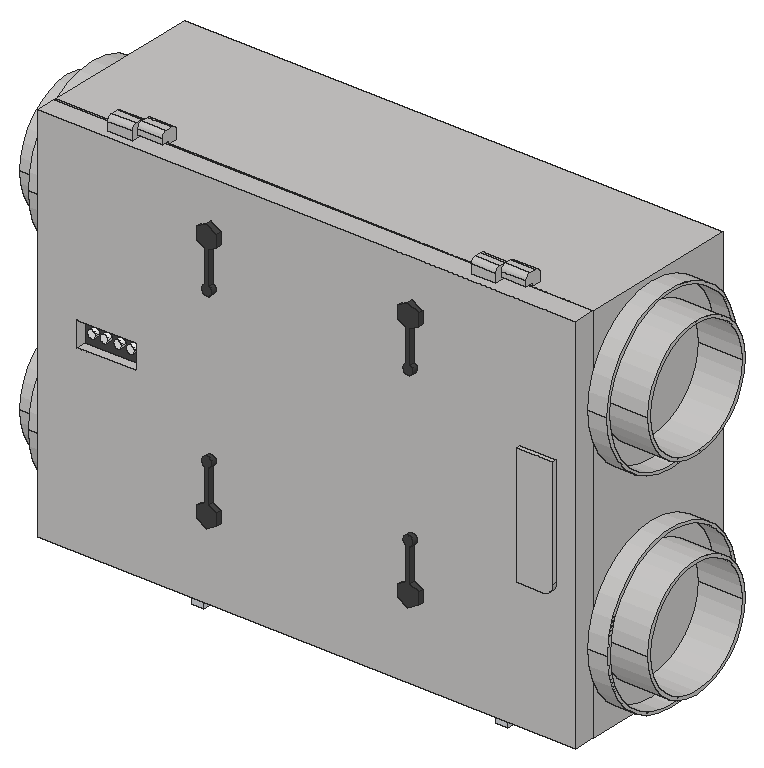
Revit family "SL75_H_MAY22", category Mechanical Equipment, Revit 2019
Family settings
  Round Connector Dimension = Use Diameter
  Part Type = Normal
  Work Plane-Based = No
  Always vertical = Yes
  Cut with Voids When Loaded = No
  Shared = No
  Room Calculation Point = No
Parameters
  Watts = "53"
  Voltage = "120"
  Unit Weight = "35 lbs."
  Unit Dimensions = "30-3/4\" L x 20-3/8\" W x 9-1/2\" H"
  URL = "www.renewaire.com"
  Continuous Operation Airflow = "30-130 CFM"
  Standard Features = "Unit may be mounted in any orientation, Low-voltage circuit for controls, Hard wiring in electrical box, Dial-A-Flow - balance and airflow adjustment, Variable speed, Boost mode, Cross-core differential pressure ports, Gray painted cabinet"
  Service Area Visibility = yes
  Service Area = Renewaire - Interference
  Revit Object Download Link = ""
  Phase = "1"
  Motor(s) = "Qty. 2, 48V DC motorized impeller packages"
  Model = "SL70L"
  Minimum Circuit Amps = "10"
  Maximum Overcurrent Protection = "15"
  Max. Shipping Weight (in carton) = "41 lbs."
  Max. Shipping Dimensions (in carton) = "31 1/4\" L x 22-3/8\" W x 14-3/8\" H"
  Manufacturer = "Renewaire LLC"
  Hertz = "60"
  Filters = "Total qty. 2, MERV 8, spun-polyester media: 7-1/2\" x 10-1/2\" x 1\""
  FLA per Motor = "2"
  Energy Recovery Type = "Static plate, heat and humidity transfer"
  Description = "Energy Recovery Ventilator"
  Controls = "Onboard digital controller with independent variable speeds"
  Cabinet Material [instance] = Renewaire - Galvanized Steel
  Accessories = "Backdraft damper 6\", Wall cap 6\" - white, brown, Digital time clock - wall mount (TC7D-W), in exterior enclosure (TC7D-E), Carbon dioxide sensor/control - wall mount (CO2-W), IAQ sensor - wall mount (IAQ-W), Motion occupancy sensor/control - ceiling mount (MC-C), wall mount (MC-W), Percentage timer control (PTL), Percentage timer control with furnace interlock (FM), Push-button point-of-use controls (PBL), PTL req'd., MERV 13 Filter - OA airstream, Wall bracket kit, Electric duct heater - RH series (1-4 kW); designed for indoor ductwork installation only"
Reference planes (in)
  plane 1 "Center (Front/Back)": y = 0
  plane 2: z = 0
  plane 3 "Center (Left/Right)": x = 0
Forms (in)
  Extrusion 1, solid, material "Renewaire - Galvanized Steel" <- "Cabinet Material"
    sketch origin (0, 0, 0) x (0, 1, 0) y (0, 0, 1)
      loop
        line (0, 9.5) -> (-8.0024, 9.5) -> (-8.0024, -9.5) -> (0, -9.5) -> (0, 9.5)
    from -15.33536 to 11.41464
  Extrusion 2, solid, material "Renewaire - Galvanized Steel" <- "Cabinet Material"
    sketch origin (0, 0, 0) x (0, 1, 0) y (0, 0, 1)
      loop
        line (-9.1154, 9.5) -> (-9.1154, -9.5) -> (-8.0874, -9.5) -> (-8.0874, 9.5) -> (-9.1154, 9.5)
    from -15.33536 to 11.41464
  Extrusion 3, solid, material "Renewaire - Galvanized Steel" <- "Cabinet Material"
    sketch origin (-3.75, 0, 0) x (0, 1, 0) y (0, 0, 1)
      loop
        line (-7.55507, 9.5) -> (-7.55507, 9.91)
        arc (-7.55507, 9.91) -> (-7.62829, 10.08678) -> (-7.80507, 10.16) r 0.25
        line (-7.80507, 10.16) -> (-8.1494, 10.16)
        arc (-8.1494, 10.16) -> (-8.32618, 10.08678) -> (-8.3994, 9.91) r 0.25
        line (-8.3994, 9.91) -> (-8.3994, 9.64844) -> (-7.99845, 9.64844) -> (-7.99845, 9.5) -> (-7.55507, 9.5)
    from -7.16504 to -5.94508
  Extrusion 4, solid, material "Renewaire - Galvanized Steel" <- "Cabinet Material"
    sketch origin (0, 0, 0) x (0, 1, 0) y (0, 0, 1)
      loop
        line (-7.55507, 9.5) -> (-7.55507, 9.91)
        arc (-7.55507, 9.91) -> (-7.62829, 10.08678) -> (-7.80507, 10.16) r 0.25
        line (-7.80507, 10.16) -> (-8.1494, 10.16)
        arc (-8.1494, 10.16) -> (-8.32618, 10.08678) -> (-8.3994, 9.91) r 0.25
        line (-8.3994, 9.91) -> (-8.3994, 9.64844) -> (-7.99845, 9.64844) -> (-7.99845, 9.5) -> (-7.55507, 9.5)
    from 7.14498 to 8.36494
  Extrusion 5, solid, material "Renewaire - Galvanized Steel" <- "Cabinet Material"
    sketch origin (-3.75, -16.24093, 0) x (0, -1, 0) y (0, 0, -1)
      loop
        line (-7.55507, -9.5) -> (-7.99845, -9.5) -> (-7.99845, -9.64844) -> (-8.3994, -9.64844) -> (-8.3994, -9.91)
        arc (-8.3994, -9.91) -> (-8.32618, -10.08678) -> (-8.1494, -10.16) r 0.25
        line (-8.1494, -10.16) -> (-7.80507, -10.16)
        arc (-7.80507, -10.16) -> (-7.62829, -10.08678) -> (-7.55507, -9.91) r 0.25
        line (-7.55507, -9.91) -> (-7.55507, -9.5)
    from -8.435 to -7.21504
  Extrusion 6, solid, material "Renewaire - Galvanized Steel" <- "Cabinet Material"
    sketch origin (0, -16.24093, 0) x (0, -1, 0) y (0, 0, -1)
      loop
        line (-7.55507, -9.5) -> (-7.99845, -9.5) -> (-7.99845, -9.64844) -> (-8.3994, -9.64844) -> (-8.3994, -9.91)
        arc (-8.3994, -9.91) -> (-8.32618, -10.08678) -> (-8.1494, -10.16) r 0.25
        line (-8.1494, -10.16) -> (-7.80507, -10.16)
        arc (-7.80507, -10.16) -> (-7.62829, -10.08678) -> (-7.55507, -9.91) r 0.25
        line (-7.55507, -9.91) -> (-7.55507, -9.5)
    from 5.87502 to 7.09498
  Extrusion 7, solid
    sketch origin (0, 0, 0) x (0, 1, 0) y (0, 0, 1)
      loop
        line (-6.34251, -9.5) -> (-8.86571, -9.5) -> (-8.86571, -9.95328) -> (-6.34251, -9.95328) -> (-6.34251, -9.5)
    from -7.84693 to -7.25293
  Extrusion 8, solid
    sketch origin (0, 0, 0) x (0, 1, 0) y (0, 0, 1)
      loop
        line (-6.34251, -9.5) -> (-8.86571, -9.5) -> (-8.86571, -9.95328) -> (-6.34251, -9.95328) -> (-6.34251, -9.5)
    from 7.25293 to 7.84693
  Extrusion 9, solid, material "Renewaire - Galvanized Steel" <- "Cabinet Material"
    sketch origin (0, 0, 0) x (0, 1, 0) y (0, 0, -1)
      loop
        circle (-4.4374, 5.366) r 2.875
      loop
        circle (-4.4374, 5.366) r 3
    from -13.65355 to -11.41464
  Extrusion 10, solid, material "Renewaire - Galvanized Steel" <- "Cabinet Material"
    sketch origin (0, 0, 10.64074) x (0, 1, 0) y (0, 0, -1)
      loop
        circle (-4.4374, 5.366) r 2.875
      loop
        circle (-4.4374, 5.366) r 3
    from -13.65355 to -11.41464
  Extrusion 11, solid, material "Renewaire - Galvanized Steel" <- "Cabinet Material"
    sketch origin (0, 0, 0) x (0, 1, 0) y (0, 0, -1)
      loop
        circle (-4.4374, 5.366) r 3.875
      loop
        circle (-4.4374, 5.366) r 4
    from -12.43355 to -11.41464
  Extrusion 12, solid, material "Renewaire - Galvanized Steel" <- "Cabinet Material"
    sketch origin (-0.02036, 0, 10.64074) x (0, 1, 0) y (0, 0, -1)
      loop
        circle (-4.4374, 5.366) r 3.875
      loop
        circle (-4.4374, 5.366) r 4
    from -12.43355 to -11.435
  Extrusion 13, solid, material "Renewaire - Galvanized Steel" <- "Cabinet Material"
    sketch origin (0, 0, 0) x (1, 0, 0) y (0, 0, 1)
      loop
        line (10.435, 3) -> (8.635, 3) -> (8.635, -3) -> (9.935, -3)
        arc (9.935, -3) -> (10.28855, -2.85355) -> (10.435, -2.5) r 0.5
        line (10.435, -2.5) -> (10.435, 3)
    from 9.1154 to 9.3054
  Extrusion 14, solid, material "MonitorPorts"
    sketch origin (-6.15324, -9.1154, 42.1304) x (-1, 0, 0) y (0, 0, -1)
      loop
        line (-9.53348, 35.65895) -> (-9.94097, 35.42369) -> (-9.94097, 34.83769) -> (-9.43348, 34.54469) -> (-8.92599, 34.83769) -> (-8.92599, 35.42369) -> (-9.33348, 35.65895) -> (-9.33348, 37.28756)
        arc (-9.33348, 37.28756) -> (-9.43348, 37.76669) -> (-9.53348, 37.28756) r 0.25
        line (-9.53348, 37.28756) -> (-9.53348, 35.65895)
    from 0 to 0.25
  Extrusion 15, solid, material "MonitorPorts"
    sketch origin (-16.15187, -9.1154, 42.1304) x (-1, 0, 0) y (0, 0, -1)
      loop
        line (-9.53348, 35.65895) -> (-9.94097, 35.42369) -> (-9.94097, 34.83769) -> (-9.43348, 34.54469) -> (-8.92599, 34.83769) -> (-8.92599, 35.42369) -> (-9.33348, 35.65895) -> (-9.33348, 37.28756)
        arc (-9.33348, 37.28756) -> (-9.43348, 37.76669) -> (-9.53348, 37.28756) r 0.25
        line (-9.53348, 37.28756) -> (-9.53348, 35.65895)
    from 0 to 0.25
  Extrusion 16, solid, material "MonitorPorts"
    sketch origin (-6.15324, -9.1154, -40.53495) x (-1, 0, 0) y (0, 0, -1)
      loop
        line (-9.53348, -35.65895) -> (-9.53348, -37.28756)
        arc (-9.53348, -37.28756) -> (-9.43348, -37.76669) -> (-9.33348, -37.28756) r 0.25
        line (-9.33348, -37.28756) -> (-9.33348, -35.65895) -> (-8.92599, -35.42369) -> (-8.92599, -34.83769) -> (-9.43348, -34.54469) -> (-9.94097, -34.83769) -> (-9.94097, -35.42369) -> (-9.53348, -35.65895)
    from 0 to 0.25
  Extrusion 17, solid, material "MonitorPorts"
    sketch origin (-16.15187, -9.1154, -40.53495) x (-1, 0, 0) y (0, 0, -1)
      loop
        line (-9.53348, -35.65895) -> (-9.53348, -37.28756)
        arc (-9.53348, -37.28756) -> (-9.43348, -37.76669) -> (-9.33348, -37.28756) r 0.25
        line (-9.33348, -37.28756) -> (-9.33348, -35.65895) -> (-8.92599, -35.42369) -> (-8.92599, -34.83769) -> (-9.43348, -34.54469) -> (-9.94097, -34.83769) -> (-9.94097, -35.42369) -> (-9.53348, -35.65895)
    from 0 to 0.25
  Extrusion 18, void
    sketch origin (-4.37295, 0, 0) x (1, 0, 0) y (0, 0, 1)
      loop
        line (-9.02, 0.875) -> (-9.02, -0.375) -> (-6.02, -0.375) -> (-6.02, 0.875) -> (-9.02, 0.875)
    from 8.60802 to 12
  Extrusion 19, solid, material "Renewaire - White"
    sketch origin (-4.37295, 0, 0) x (1, 0, 0) y (0, 0, 1)
      loop
        circle (-6.55255, 0.28297) r 0.188
      loop
        circle (-7.18095, 0.28297) r 0.188
      loop
        circle (-7.86254, 0.28297) r 0.188
      loop
        circle (-8.48301, 0.28297) r 0.188
    from 8.60802 to 8.84227
  Extrusion 20, solid, material "Renewaire - Galvanized Steel" <- "Cabinet Material"
    sketch origin (-3.90035, 0, 0) x (0, 1, 0) y (0, 0, 1)
      loop
        circle (-4.4374, -5.366) r 2.875
      loop
        circle (-4.4374, -5.366) r 3
    from -13.65355 to -11.435
  Extrusion 21, solid, material "Renewaire - Galvanized Steel" <- "Cabinet Material"
    sketch origin (-3.90035, 0, 10.64074) x (0, 1, 0) y (0, 0, 1)
      loop
        circle (-4.4374, -5.366) r 2.875
      loop
        circle (-4.4374, -5.366) r 3
    from -13.65355 to -11.435
  Extrusion 22, solid, material "Renewaire - Galvanized Steel" <- "Cabinet Material"
    sketch origin (-3.90035, 0, 0) x (0, 1, 0) y (0, 0, 1)
      loop
        circle (-4.4374, -5.366) r 3.875
      loop
        circle (-4.4374, -5.366) r 4
    from -12.43355 to -11.435
  Extrusion 23, solid, material "Renewaire - Galvanized Steel" <- "Cabinet Material"
    sketch origin (-3.90035, 0, 10.64074) x (0, 1, 0) y (0, 0, 1)
      loop
        circle (-4.4374, -5.366) r 3.875
      loop
        circle (-4.4374, -5.366) r 4
    from -12.43355 to -11.435
  Extrusion 24, solid
    sketch origin (-16.96401, -5.81531, -9.48106) x (0, 1, 0) y (0, 0, 1)
      loop
        line (2.2476, 8.97094) -> (2.2476, 9.95545) -> (1.2476, 9.95545) -> (1.2476, 8.97094) -> (2.2476, 8.97094)
    from 1.43525 to 1.62865
Cuts and joins
  Extrusion 18 cuts Extrusion 1
  Extrusion 18 cuts Extrusion 2
Dimensions and locks (in)
  aligned and locked: plane 2 to level
Connectors (in)
  hvac at (13.65355, -4.4374, 5.27474)
    settings: on Extrusion 10, index 1, duct flow 0 CFM, flow factor 0, pres drop 0.00 in-wg, loss coef 0, conn angle 0.00°, conn width 12", conn height 12", conn diameter 6", duct sys type 1, conn prof type 0, flow config 0, flow direction 2, loss method 0, conn ref index -1, conn util no, is conn primary yes, conn desc "Supply Air (SA)"
  hvac at (13.65355, -4.4374, -5.366)
    settings: on Extrusion 9, index 2, duct flow 0 CFM, flow factor 0, pres drop 0.00 in-wg, loss coef 0, conn angle 0.00°, conn width 12", conn height 12", conn diameter 6", duct sys type 2, conn prof type 0, flow config 0, flow direction 1, loss method 0, conn ref index -1, conn util no, is conn primary no, conn desc "Return Air (RA)"
  electrical at (-15.52876, -4.06771, -0.01787)
    settings: on Extrusion 24, index 3, voltage 120 V, apparent load 0 VA, apparent load phase1 0 VA, apparent load phase2 0 VA, apparent load phase3 0 VA, power factor 1, load classification "Other", number of poles 1, system type 31, power factor state 1, is connector primary yes, connector utility no, sub classification motor no, connector description "POWER OUTLET BOX 7/8\" DIA KNOCKOUTS"
